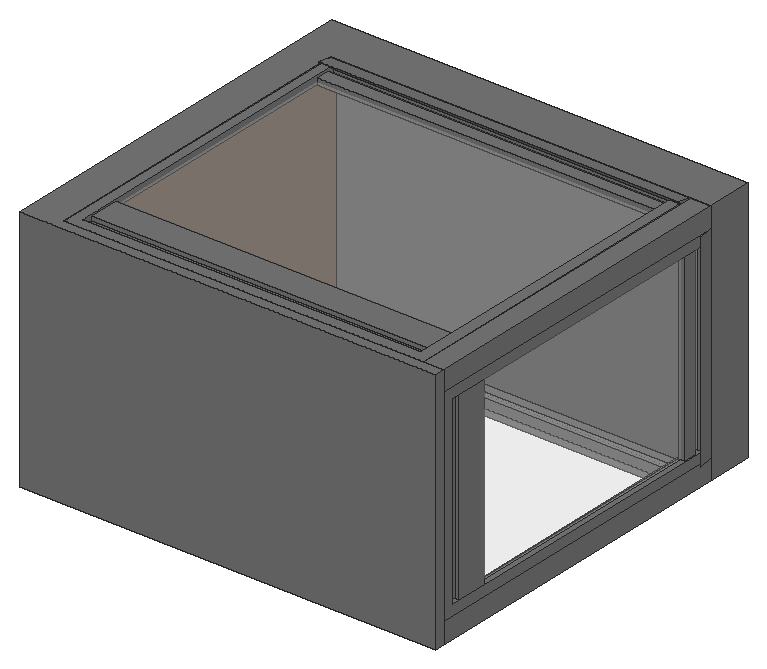
Revit family "Fireplace_Gas_Heatilator_Peninsula", category Mechanical Equipment, host Face, Revit 2015
Parameters (values of type "GDFL4136 LP")
  gasrad [instance] = Gas Connection Diameter / 2  # 0' - 0 1/4"
  exhaustrad [instance] = Exhaust Connection Diameter / 2  # 0' - 2 1/2"
  Warranty Duration (Years) = 0
  Unit Width = 3' - 4 1/2"
  Unit Weight = 220
  Unit Height = 3' - 2"
  Unit Depth = 2' - 0"
  URL = "http://www.heatilator.com/"
  Test Data = ""
  Standards Conformance = "UL  ;  cUL"
  Specification = "http://www.arcat.com/sdspecs/htm04/10_31_07hea.htm"
  SpecWizard = ""
  Send Message = "http://www.arcat.com/users.pl?action=UserEmail&amp;company=Heatilator<sup><small></small></sup>&amp;coid=49248&amp;rep=144&amp;fax=&amp;mf=95"
  Screen [instance] = PeninsulaFace : Simon
  Sales Information = "http://www.heatilator.com/Contact-Us.aspx"
  Revision = "R2_2014-09"
  Recess Into Host [instance] = 2' - 0"
  Rear Wall Finish [instance] = Masonry - Heatilator - Brick as Specified
  Product Properties = ""
  Product Data = "http://www.arcat.com/arcatcos/cos9549/arc49248.html"
  Opening Width = 3' - 0"
  Opening Height = 2' - 0 1/2"
  Mounting Height [instance] = 1' - 10.76867"
  Model = "GDFL4136"
  Media Material [instance] = Surface - Heatilator - Media as Specified
  Manufacturer Website = "http://www.heatilator.com/"
  Manufacturer Phone - Toll Free = "800-927-6841"
  Manufacturer Phone = ""
  Manufacturer Fax = ""
  Manufacturer Address = "7571 215th St. W.  Lakeville, MN 55044"
  Manufacturer = "Heatilator"
  Maintenance Schedule (Months) = 0
  Keynote = "10305"
  Installation-Fabrication = ""
  Installation Phase = ""
  Heating Capacity = "as Specified"
  HVAC_BTU Output = 0.0 Btu/h
  HVAC_BTU Input = 36000.0 Btu/h
  Green Building-LEED = ""
  Glazing Tint [instance] = Glazing - Heatilator - Clear
  Gas Connection Diameter [instance] = 1/2"
  Fuel Type = "LP"
  Fuel Consumption = "as Specified"
  Fixture Finish = Metal - Heatilator - Metallic Black
  Expected Lifespan (Years) = 0
  Exhaust Connection Diameter [instance] = 5"
  Electrical_Voltage = 120 V
  Efficiency Ratings = "Steady State 75  ;  AFUE 68  ;  EnerGuide 63"
  Drawn By = "Sumex Design, Inc. / Robert S. Weygant, CSI, CDT, SCIP"
  Door Finish [instance] = Metal - Heatilator - Metallic Black
  Description = "Heatilator Gas Burning Fireplace - Peninsula GDFL4136 LP as Specified"
  Default Elevation = 0' - 0"
  Copyright = "©Arcat Inc."
  Construction Details = "http://www.arcat.com/details/heatil/heatil.html?coid=49248"
  Building Codes = ""
  Assembly Code = "D3020"
Types (4): name | Model | HVAC_BTU Input | Fuel Type | Description
  GDFL4136 LP | "GDFL4136" | 36000.0 Btu/h | "LP" | "Heatilator Gas Burning Fireplace - Peninsula GDFL4136 LP as Specified"
  GDFL4136 NG | "GDFL4136" | 37000.0 Btu/h | "NG" | "Heatilator Gas Burning Fireplace - Peninsula GDFL4136 NG as Specified"
  GBFL4136 LP | "GBFL4136" | 36000.0 Btu/h | "LP" | "Heatilator Gas Burning Fireplace - Peninsula GBFL4136 LP as Specified"
  GBFL4136 NG | "GBFL4136" | 37000.0 Btu/h | "NG" | "Heatilator Gas Burning Fireplace - Peninsula GBFL4136 NG as Specified"
Reference planes (in)
  plane 1 "Opening CL": y = 0
  plane 2: z = 0
  plane 3 "Center (Left/Right)": x = 0
  plane 4: z = -24
  plane 5 "Front": z = 0
  plane 6 "FF": y = -41.20617
  plane 7: y = -18.4375
  plane 8: y = -17.4375
  plane 9: x = -20.25
  plane 10: x = 20.25
  plane 11: y = 19.5625
Forms (in)
  Extrusion 1, void
    sketch origin (0, 0, 0) x (1, 0, 0) y (0, 1, 0)
      loop
        line (20.25, 19.5625) -> (-20.25, 19.5625) -> (-20.25, -18.4375) -> (20.25, -18.4375) -> (20.25, 19.5625)
    from -24 to 5.63952
  Extrusion 2, solid
    sketch origin (0, 19.5625, 0) x (0, 0, -1) y (1, 0, 0)
      loop
        circle (12, -10.75) r 2.5
      loop
        circle (12, -1.0625) r 2.5
    from 0 to 3
  Extrusion 3, solid
    sketch origin (-20.25, -180, 14.07791) x (0, 0, 1) y (0, -1, 0)
      loop
        circle (-18.57791, -163.0625) r 0.25
    from 0 to 1.0582
  Extrusion 4, solid
    sketch origin (-0.46316, -16.31553, -23.53684) x (0, -1, 0) y (0, 0, -1)
      loop
        circle (-24.87803, -11.53684) r 2.5
    from -19.78684 to -18.72864
  Extrusion 5, solid, material "Metal - Heatilator - Metallic Black" <- "Fixture Finish"
    sketch origin (0, 0, 0) x (1, 0, 0) y (0, 1, 0)
      loop
        line (20.25, -18.4375) -> (20.25, -17.4375) -> (-16.75, -17.4375) -> (-16.75, 15.0625) -> (20.25, 15.0625) -> (20.25, 19.5625) -> (-20.25, 19.5625) -> (-20.25, -18.4375) -> (20.25, -18.4375)
    from -24 to 0
  Extrusion 6, solid, material "Metal - Heatilator - Metallic Black" <- "Fixture Finish"
    sketch origin (-21.8749, -17.4375, 48) x (-1, 0, 0) y (0, 0, 1)
      loop
        line (-40.1249, -49.25) -> (-40.1249, -70.75) -> (-5.1249, -70.75) -> (-5.1249, -49.25) -> (-40.1249, -49.25)
    from 0 to 5
  Extrusion 7, solid, material "Masonry - Heatilator - Brick as Specified" <- "Rear Wall Finish"
    sketch origin (-21.8749, -17.4375, 48) x (-1, 0, 0) y (0, 0, 1)
      loop
        line (-5.1249, -49.25) -> (-5.6249, -49.25) -> (-5.6249, -70.75) -> (-5.1249, -70.75) -> (-5.1249, -49.25)
    from 5 to 32.5
Dimensions and locks (in)
  "Recess Into Host": level to plane 4
  "Unit Depth": plane 5 "Front" to plane 4
  "Mounting Height": plane 7 to plane 6 "FF"
  locked: plane 7 to plane 8 at 1
  equal spacing: plane 9, plane 3 "Center (Left/Right)", plane 10
  "Unit Width": plane 9 to plane 10
  "Unit Height": plane 7 to plane 11
  locked: plane 5 "Front" to Extrusion 3 sketch curve at 4.5
  locked: plane 7 to Extrusion 3 sketch curve at 1.5
  locked: plane 5 "Front" to Extrusion 2 sketch curve at 12
  locked: plane 7 to Extrusion 4 sketch curve at 27
  locked: Extrusion 2 sketch curve to plane 9 at 9.5
  locked: plane 10 to Extrusion 2 sketch curve at 21.3125
  locked: plane 5 "Front" to Extrusion 4 sketch curve at 12
  "exhaustrad": radius of Extrusion 2 sketch curve
  "gasrad": radius of Extrusion 3 sketch curve
  "exhaustrad": radius of Extrusion 4 sketch curve
  aligned and locked: plane 2 to host face
  aligned and locked: level to host face
  aligned: Extrusion 1 to plane 5 "Front"
  aligned and locked: Extrusion 1 to plane 4
  aligned and locked: Extrusion 1 sketch curve to plane 7
  aligned and locked: plane 10 to Extrusion 1 sketch curve
  aligned and locked: Extrusion 1 sketch curve to plane 9
  aligned and locked: Extrusion 1 sketch curve to plane 11
  aligned and locked: Extrusion 5 to plane 4
  aligned and locked: Extrusion 5 to plane 5 "Front"
  aligned and locked: nested 1 to plane 7
Automatic sketch dimensions
  host sketch curve to host sketch curve = 5' - 8 1/4"
  host sketch curve to host sketch curve = 10' - 4 9/16"
  Extrusion 5 sketch curve to plane 7 = 0' - 0"
  Extrusion 5 sketch curve to plane 9 = 0' - 0"
  Extrusion 5 sketch curve to plane 8 = 0' - 0"
  Extrusion 5 sketch curve to plane 10 = 0' - 0"  (x2)
  plane 11 to Extrusion 5 sketch curve = 0' - 0"
  plane 11 to Extrusion 5 sketch curve = 0' - 4 1/2"
  plane 4 to Extrusion 6 sketch curve = 0' - 1 1/4"
  Extrusion 6 sketch curve to level = 0' - 1 1/4"
  Extrusion 7 sketch curve to Extrusion 7 sketch curve = 0' - 0 1/2"
  plane 4 to Extrusion 7 sketch curve = 0' - 1 1/4"
  Extrusion 7 sketch curve to level = 0' - 1 1/4"
  Extrusion 2 sketch curve to level = 1' - 0"
  plane 9 to Extrusion 5 sketch curve = 0' - 3 1/2"
  plane 9 to Extrusion 6 sketch curve = 0' - 3 1/2"
  plane 9 to Extrusion 7 sketch curve = 0' - 4"
  Extrusion 6 sketch curve to plane 10 = 0' - 2"
  radius of Extrusion 2 sketch curve = 0' - 2 1/2"
Nested families (in)
  nested 1: "PeninsulaFace" at (-20.25, -18.4375, 0), frame finish <- "Door Finish", type <- "Screen", clear material <- "Glazing Tint", type "Simon"
    with frame finish Metal - Heatilator - Metallic Black, clear material Glazing - Heatilator - Clear
Connectors (in)
  hvac at (-10.75, 19.5625, -12), driven by "exhaustrad"
    settings: on Extrusion 2, index 2, duct flow 0 CFM, flow factor 0, pres drop 0.00 in-wg, loss coef 0, conn angle 0.00°, conn width 12", conn height 12", conn diameter 5", duct sys type 3, conn prof type 0, flow config 0, flow direction 2, loss method 0, conn ref index -1, conn util no, is conn primary yes, conn desc "GDFL Vertical Exhaust"
  piping at (-20.25, -16.9375, -4.5), diameter 0.5, driven by "gasrad"
    settings: on Extrusion 3, index 5, connector inside diameter 1/2", connector length 0' - 0", flow factor 0, pipe flow 0 GPM, pressure drop 0.00 psi, fitting loss kfactor 0, connector angle 0.00°, fixture units 0, engagement length 0' - 0", angle of deflection 0.00°, flow configuration 0, flow direction 1, fitting loss method 0, system type 29, joint type 0, gender type 0, connector reference index -1, connector utility 0, adjustable connector no, is connector primary yes, connector description "Gas Inlet"
  hvac at (-20.25, 8.5625, -12), driven by "exhaustrad"
    settings: on Extrusion 4, index 7, duct flow 0 CFM, flow factor 0, pres drop 0.00 in-wg, loss coef 0, conn angle 0.00°, conn width 12", conn height 12", conn diameter 5", duct sys type 3, conn prof type 0, flow config 0, flow direction 2, loss method 0, conn ref index -1, conn util no, is conn primary no, conn desc "GDFL Rear Exhaust"
  hvac at (-1.0625, 19.5625, -12), driven by "exhaustrad"
    settings: on Extrusion 2, index 8, duct flow 0 CFM, flow factor 0, pres drop 0.00 in-wg, loss coef 0, conn angle 0.00°, conn width 12", conn height 12", conn diameter 5", duct sys type 3, conn prof type 0, flow config 0, flow direction 2, loss method 0, conn ref index -1, conn util no, is conn primary no, conn desc "GBFL Exhaust"
  electrical at (-20.25, 0.5625, -12), driven by "Electrical_Voltage"
    settings: on Extrusion 5, index 9, voltage 120 V, apparent load 0 VA, apparent load phase1 0 VA, apparent load phase2 0 VA, apparent load phase3 0 VA, power factor 1, load classification "Other", number of poles 1, system type 31, power factor state 1, is connector primary yes, connector utility no, sub classification motor no, connector description ""
Definition of nested family "PeninsulaFace"
  Parameters
    frame finish [instance] = none
    clear material [instance] = none
    Phoenix = no
    Default Elevation = 4' - 0"
    Craftsman = no
    Assembly Code = ""
    Simon = yes
  Reference planes (in)
    plane 1 "Center (Front/Back)": y = 0
    plane 2: z = 0
    plane 3 "Center (Left/Right)": x = 0
    plane 4: y = 1
    plane 5: y = 33.5
    plane 6: y = 6
    plane 7: y = 30.5
    plane 8: x = 3.5
    plane 9: x = 21
    plane 10: z = -11.99979
  Forms (in)
    Extrusion 1, solid, material <- "frame finish"
      sketch origin (0, 0, 0) x (1, 0, 0) y (0, 0, 1)
        loop
          line (40.5, 0) -> (38.5, 0) -> (38.5, -2) -> (40.5, -2) -> (40.5, 0)
        loop
          line (40.5, -24) -> (40.5, -22) -> (38.5, -22) -> (38.5, -24) -> (40.5, -24)
      from -33.5 to -1
    Extrusion 2, solid, material <- "frame finish", visible <- "Phoenix"
      sketch origin (0, 0, 0) x (1, 0, 0) y (0, 1, 0)
        loop
          line (3.5, 1) -> (4.5, 1) -> (4.5, 33.5) -> (3.5, 33.5) -> (3.5, 1)
        loop
          line (37.5, 1) -> (38.5, 1) -> (38.5, 33.5) -> (37.5, 33.5) -> (37.5, 1)
      from 0 to -0.75
    Extrusion 3, solid, material <- "frame finish", visible <- "Phoenix"
      sketch origin (0, 0, 0) x (1, 0, 0) y (0, 1, 0)
        loop
          line (4.5, 32.75) -> (4.5, 32.29795) -> (15.48684, 32.29795)
          arc (15.48684, 32.29795) -> (9.827, 30.85256) -> (4.5, 28.45548) r 33.84463
          line (4.5, 28.45548) -> (4.5, 26.89198)
          arc (4.5, 26.89198) -> (21, 31.39384) -> (37.5, 26.89198) r 32.48846
          line (37.5, 26.89198) -> (37.5, 28.45548)
          arc (37.5, 28.45548) -> (32.173, 30.85256) -> (26.51316, 32.29795) r 33.84463
          line (26.51316, 32.29795) -> (37.5, 32.29795) -> (37.5, 32.75) -> (21.45205, 32.75) -> (21.45205, 33.5) -> (20.54795, 33.5) -> (20.54795, 32.75) -> (4.5, 32.75)
      from 0 to -0.75
    Extrusion 4, solid, material <- "frame finish", visible <- "Phoenix"
      sketch origin (0, 0, 0) x (1, 0, 0) y (0, 1, 0)
        loop
          line (4.75, 25.25) -> (4.25, 25.25) -> (4.25, 23) -> (4.75, 23) -> (4.75, 25.25)
        loop
          line (4.75, 8.625) -> (4.25, 8.625) -> (4.25, 6.375) -> (4.75, 6.375) -> (4.75, 8.625)
        loop
          line (37.25, 25.25) -> (37.25, 23) -> (37.75, 23) -> (37.75, 25.25) -> (37.25, 25.25)
        loop
          line (37.25, 8.625) -> (37.25, 6.375) -> (37.75, 6.375) -> (37.75, 8.625) -> (37.25, 8.625)
      from 0 to 0.30703
    Extrusion 5, solid, material <- "frame finish", visible <- "Phoenix"
      sketch origin (1.75, 0, 0) x (1, 0, 0) y (0, 1, 0)
        loop
          circle (17.2941, 1.74223) r 0.5
        loop
          circle (21.2059, 1.74223) r 0.5
      from 0 to 0.7778
    Extrusion 6, solid, material <- "frame finish", visible <- "Phoenix"
      sketch origin (38.5, 0, 0) x (-1, 0, 0) y (0, -1, 0)
        loop
          line (17.27397, -29.35875) -> (17.27397, -10.04005)
          arc (17.27397, -10.04005) -> (12.69126, -9.56277) -> (8.27986, -8.23288) r 24.41096
          line (8.27986, -8.23288) -> (2.13014, -8.23288) -> (2.13014, -25.19656)
          arc (2.13014, -25.19656) -> (9.42913, -28.27067) -> (17.27397, -29.35875) r 30.45422
        loop
          line (1, -1) -> (1, -26.89198)
          arc (1, -26.89198) -> (8.94844, -30.24817) -> (17.5, -31.39384) r 32.48846
          line (17.5, -31.39384) -> (17.5, -1) -> (1, -1)
        loop
          line (17.27397, -3.26027) -> (2.13014, -3.26027) -> (2.13014, -4.61644) -> (17.27397, -4.61644) -> (17.27397, -3.26027)
        loop
          line (2.13014, -5.52055) -> (2.13014, -7.32877) -> (8.4589, -7.32877)
          arc (8.4589, -7.32877) -> (12.77916, -8.65807) -> (17.27397, -9.1359) r 23.50685
          line (17.27397, -9.1359) -> (17.27397, -5.52055) -> (2.13014, -5.52055)
      from 0 to -0.75
    Extrusion 7, solid, material <- "frame finish", visible <- "Phoenix"
      sketch origin (0, 0, -23.25) x (0, -1, 0) y (1, 0, 0)
        loop
          line (-1, 3.5) -> (-1, 4.5) -> (-33.5, 4.5) -> (-33.5, 3.5) -> (-1, 3.5)
        loop
          line (-1, 37.5) -> (-1, 38.5) -> (-33.5, 38.5) -> (-33.5, 37.5) -> (-1, 37.5)
      from 0 to -0.75
    Extrusion 8, solid, material <- "frame finish", visible <- "Phoenix"
      sketch origin (0, 0, -23.25) x (0, -1, 0) y (1, 0, 0)
        loop
          line (-32.75, 4.5) -> (-32.29795, 4.5) -> (-32.29795, 15.48684)
          arc (-32.29795, 15.48684) -> (-30.85256, 9.827) -> (-28.45548, 4.5) r 33.84463
          line (-28.45548, 4.5) -> (-26.89198, 4.5)
          arc (-26.89198, 4.5) -> (-31.39384, 21) -> (-26.89198, 37.5) r 32.48846
          line (-26.89198, 37.5) -> (-28.45548, 37.5)
          arc (-28.45548, 37.5) -> (-30.85256, 32.173) -> (-32.29795, 26.51316) r 33.84463
          line (-32.29795, 26.51316) -> (-32.29795, 37.5) -> (-32.75, 37.5) -> (-32.75, 21.45205) -> (-33.5, 21.45205) -> (-33.5, 20.54795) -> (-32.75, 20.54795) -> (-32.75, 4.5)
      from 0 to -0.75
    Extrusion 9, solid, material <- "frame finish", visible <- "Phoenix"
      sketch origin (38.5, 0, -24) x (0, -1, 0) y (-1, 0, 0)
        loop
          line (-25.25, 33.75) -> (-23, 33.75) -> (-23, 34.25) -> (-25.25, 34.25) -> (-25.25, 33.75)
        loop
          line (-8.625, 33.75) -> (-6.375, 33.75) -> (-6.375, 34.25) -> (-8.625, 34.25) -> (-8.625, 33.75)
        loop
          line (-25.25, 1.25) -> (-25.25, 0.75) -> (-23, 0.75) -> (-23, 1.25) -> (-25.25, 1.25)
        loop
          line (-8.625, 1.25) -> (-8.625, 0.75) -> (-6.375, 0.75) -> (-6.375, 1.25) -> (-8.625, 1.25)
      from 0 to 0.30703
    Extrusion 10, solid, material <- "frame finish", visible <- "Phoenix"
      sketch origin (40.25, 0, -24) x (0, -1, 0) y (-1, 0, 0)
        loop
          circle (-1.74223, 21.2059) r 0.5
        loop
          circle (-1.74223, 17.2941) r 0.5
      from 0 to 0.7778
    Extrusion 11, solid, material <- "frame finish", visible <- "Phoenix"
      sketch origin (39.75, 0, 19.2637) x (0, 0, -1) y (0, -1, 0)
        loop
          line (21.26349, -1) -> (21.26349, -33.5) -> (22.26349, -33.5) -> (22.26349, -1) -> (21.26349, -1)
        loop
          line (40.26349, -1) -> (40.26349, -33.5) -> (41.26349, -33.5) -> (41.26349, -1) -> (40.26349, -1)
      from 0 to -0.75
    Extrusion 12, solid, material <- "frame finish", visible <- "Phoenix"
      sketch origin (39.75, 0, 16.50064) x (0, 0, -1) y (0, -1, 0)
        loop
          line (19.50043, -32.75) -> (28.01106, -32.75) -> (28.01106, -33.5) -> (29.01106, -33.5) -> (29.01106, -32.75) -> (37.5, -32.75) -> (37.5, -32.29795) -> (32.56048, -32.29795)
          arc (32.56048, -32.29795) -> (35.09829, -31.53058) -> (37.5, -30.40759) r 18.46027
          line (37.5, -30.40759) -> (37.5, -29.55479)
          arc (37.5, -29.55479) -> (28.50021, -32.01029) -> (19.50043, -29.55479) r 17.72056
          line (19.50043, -29.55479) -> (19.50043, -30.40759)
          arc (19.50043, -30.40759) -> (21.90214, -31.53058) -> (24.43995, -32.29795) r 18.46027
          line (24.43995, -32.29795) -> (19.50043, -32.29795) -> (19.50043, -32.75)
      from 0 to -0.75
    Extrusion 13, solid, material <- "frame finish", visible <- "Phoenix"
      sketch origin (39.75, 0, -19.2363) x (0, 0, 1) y (0, 1, 0)
        loop
          arc (15.62163, 28.60541) -> (7.24014, 30.89709) -> (-1.14861, 28.63211) r 16.56939
          line (-1.14861, 28.63211) -> (-1.14861, 9.1359) -> (2.1973, 9.1359)
          arc (2.1973, 9.1359) -> (7.21376, 10.11971) -> (12.23021, 9.1359) r 13.28141
          line (12.23021, 9.1359) -> (15.62163, 9.1359) -> (15.62163, 28.60541)
        loop
          line (-1.76349, 1) -> (16.23651, 1) -> (16.23651, 29.52762)
          arc (16.23651, 29.52762) -> (7.24019, 32.00387) -> (-1.76349, 29.55454) r 17.67618
          line (-1.76349, 29.55454) -> (-1.76349, 1)
        loop
          line (15.62163, 3.26027) -> (15.62163, 4.61644) -> (-1.14861, 4.61644) -> (-1.14861, 3.26027) -> (15.62163, 3.26027)
        loop
          line (-1.14861, 5.52055) -> (15.62163, 5.52055) -> (15.62163, 8.23288) -> (12.1328, 8.23288)
          arc (12.1328, 8.23288) -> (7.21376, 9.21668) -> (2.29472, 8.23288) r 12.7895
          line (2.29472, 8.23288) -> (-1.14861, 8.23288) -> (-1.14861, 5.52055)
      from 0 to -0.75
    Extrusion 14, solid, material <- "frame finish", visible <- "Phoenix"
      sketch origin (3.5, 0, 0) x (1, 0, 0) y (0, 1, 0)
        loop
          arc (17.27397, 29.35875) -> (9.42913, 28.27067) -> (2.13014, 25.19656) r 30.45422
          line (2.13014, 25.19656) -> (2.13014, 8.23288) -> (8.27986, 8.23288)
          arc (8.27986, 8.23288) -> (12.69126, 9.56277) -> (17.27397, 10.04005) r 24.41096
          line (17.27397, 10.04005) -> (17.27397, 29.35875)
        loop
          line (1, 1) -> (17.5, 1) -> (17.5, 31.39384)
          arc (17.5, 31.39384) -> (8.94844, 30.24817) -> (1, 26.89198) r 32.48846
          line (1, 26.89198) -> (1, 1)
        loop
          line (17.27397, 3.26027) -> (17.27397, 4.61644) -> (2.13014, 4.61644) -> (2.13014, 3.26027) -> (17.27397, 3.26027)
        loop
          line (2.13014, 5.52055) -> (17.27397, 5.52055) -> (17.27397, 9.1359)
          arc (17.27397, 9.1359) -> (12.77916, 8.65807) -> (8.4589, 7.32877) r 23.50685
          line (8.4589, 7.32877) -> (2.13014, 7.32877) -> (2.13014, 5.52055)
      from 0 to -0.75
    Extrusion 15, solid, material <- "frame finish", visible <- "Phoenix"
      sketch origin (38.5, 0, -23.25) x (0, 1, 0) y (-1, 0, 0)
        loop
          line (29.35875, 17.27397) -> (10.04005, 17.27397)
          arc (10.04005, 17.27397) -> (9.56277, 12.69126) -> (8.23288, 8.27986) r 24.41096
          line (8.23288, 8.27986) -> (8.23288, 2.13014) -> (25.19656, 2.13014)
          arc (25.19656, 2.13014) -> (28.27067, 9.42913) -> (29.35875, 17.27397) r 30.45422
        loop
          line (1, 1) -> (26.89198, 1)
          arc (26.89198, 1) -> (30.24817, 8.94844) -> (31.39384, 17.5) r 32.48846
          line (31.39384, 17.5) -> (1, 17.5) -> (1, 1)
        loop
          line (3.26027, 17.27397) -> (3.26027, 2.13014) -> (4.61644, 2.13014) -> (4.61644, 17.27397) -> (3.26027, 17.27397)
        loop
          line (5.52055, 2.13014) -> (7.32877, 2.13014) -> (7.32877, 8.4589)
          arc (7.32877, 8.4589) -> (8.65807, 12.77916) -> (9.1359, 17.27397) r 23.50685
          line (9.1359, 17.27397) -> (5.52055, 17.27397) -> (5.52055, 2.13014)
      from 0 to -0.75
    Extrusion 16, solid, material <- "frame finish", visible <- "Phoenix"
      sketch origin (3.5, 0, -23.25) x (0, -1, 0) y (1, 0, 0)
        loop
          arc (-29.35875, 17.27397) -> (-28.27067, 9.42913) -> (-25.19656, 2.13014) r 30.45422
          line (-25.19656, 2.13014) -> (-8.23288, 2.13014) -> (-8.23288, 8.27986)
          arc (-8.23288, 8.27986) -> (-9.56277, 12.69126) -> (-10.04005, 17.27397) r 24.41096
          line (-10.04005, 17.27397) -> (-29.35875, 17.27397)
        loop
          line (-1, 1) -> (-1, 17.5) -> (-31.39384, 17.5)
          arc (-31.39384, 17.5) -> (-30.24817, 8.94844) -> (-26.89198, 1) r 32.48846
          line (-26.89198, 1) -> (-1, 1)
        loop
          line (-3.26027, 17.27397) -> (-4.61644, 17.27397) -> (-4.61644, 2.13014) -> (-3.26027, 2.13014) -> (-3.26027, 17.27397)
        loop
          line (-5.52055, 2.13014) -> (-5.52055, 17.27397) -> (-9.1359, 17.27397)
          arc (-9.1359, 17.27397) -> (-8.65807, 12.77916) -> (-7.32877, 8.4589) r 23.50685
          line (-7.32877, 8.4589) -> (-7.32877, 2.13014) -> (-5.52055, 2.13014)
      from 0 to -0.75
    Extrusion 17, solid, material <- "clear material", visible <- "Phoenix"
      sketch origin (0, 0, 0) x (1, 0, 0) y (0, 1, 0)
        loop
          line (4.5, 32.29795) -> (4.5, 3.26027) -> (37.5, 3.26027) -> (37.5, 32.29795) -> (4.5, 32.29795)
      from -0.31559 to -0.58942
    Extrusion 18, solid, material <- "clear material", visible <- "Phoenix"
      sketch origin (0, 0, 0) x (1, 0, 0) y (0, 1, 0)
        loop
          line (4.5, 32.29795) -> (4.5, 3.26027) -> (37.5, 3.26027) -> (37.5, 32.29795) -> (4.5, 32.29795)
      from -23.49253 to -23.78296
    Extrusion 19, solid, material <- "clear material", visible <- "Phoenix"
      sketch origin (0, 0, 0) x (0, 1, 0) y (0, 0, 1)
        loop
          line (3.26027, -2.99979) -> (3.26027, -20.99957) -> (32.29795, -20.99957) -> (32.29795, -2.99979) -> (3.26027, -2.99979)
      from 40.01834 to 40.24344
    Extrusion 20, solid, material <- "frame finish", visible <- "Craftsman"
      sketch origin (0, 0, 0) x (1, 0, 0) y (0, 1, 0)
        loop
          line (3.5, 33.5) -> (3.5, 1) -> (38.5, 1) -> (38.5, 33.5) -> (36.5, 33.5) -> (36.5, 32.75) -> (21.5, 32.75) -> (21.5, 33.5) -> (20.5, 33.5) -> (20.5, 32.75) -> (5.5, 32.75) -> (5.5, 33.5) -> (3.5, 33.5)
        loop
          line (36.5, 2.5) -> (36.5, 3.5) -> (5.5, 3.5) -> (5.5, 2.5) -> (36.5, 2.5)
        loop
          line (36.5, 30.75) -> (5.5, 30.75) -> (5.5, 29.25) -> (36.5, 29.25) -> (36.5, 30.75)
        loop
          line (5.5, 28.25) -> (5.5, 6) -> (36.5, 6) -> (36.5, 28.25) -> (5.5, 28.25)
        loop
          line (5.5, 5.25) -> (5.5, 4.25) -> (36.5, 4.25) -> (36.5, 5.25) -> (5.5, 5.25)
      from 0 to -0.75
    Extrusion 21, solid, material <- "frame finish", visible <- "Craftsman"
      sketch origin (0, 0, 0) x (1, 0, 0) y (0, 1, 0)
        loop
          line (6.75, 2.5) -> (7.5, 2.5) -> (9.5, 30.75) -> (8.75, 30.75) -> (6.75, 2.5)
        loop
          line (35.25, 2.5) -> (33.25, 30.75) -> (32.5, 30.75) -> (34.5, 2.5) -> (35.25, 2.5)
        loop
          line (20, 30.75) -> (19.25, 30.75) -> (19.25, 29.25) -> (20, 29.25) -> (20, 30.75)
        loop
          line (22, 30.75) -> (22, 29.25) -> (22.75, 29.25) -> (22.75, 30.75) -> (22, 30.75)
        loop
          line (20, 5.25) -> (19.25, 5.25) -> (19.25, 2.5) -> (20, 2.5) -> (20, 5.25)
        loop
          line (22, 5.25) -> (22, 2.5) -> (22.75, 2.5) -> (22.75, 5.25) -> (22, 5.25)
      from 0 to -0.75
    Extrusion 22, solid, material <- "frame finish", visible <- "Craftsman"
      sketch origin (0, 0, 0) x (1, 0, 0) y (0, 1, 0)
        loop
          line (5.5, 30.75) -> (5.5, 29.25) -> (36.5, 29.25) -> (36.5, 30.75) -> (5.5, 30.75)
        loop
          line (5.5, 5.25) -> (5.5, 3) -> (36.5, 3) -> (36.5, 5.25) -> (5.5, 5.25)
      from -0.5 to -0.75
    Extrusion 23, solid, material <- "frame finish", visible <- "Craftsman"
      sketch origin (0, 0, -23.25) x (0, -1, 0) y (1, 0, 0)
        loop
          line (-33.5, 3.5) -> (-1, 3.5) -> (-1, 38.5) -> (-33.5, 38.5) -> (-33.5, 36.5) -> (-32.75, 36.5) -> (-32.75, 21.5) -> (-33.5, 21.5) -> (-33.5, 20.5) -> (-32.75, 20.5) -> (-32.75, 5.5) -> (-33.5, 5.5) -> (-33.5, 3.5)
        loop
          line (-2.5, 36.5) -> (-3.5, 36.5) -> (-3.5, 5.5) -> (-2.5, 5.5) -> (-2.5, 36.5)
        loop
          line (-30.75, 36.5) -> (-30.75, 5.5) -> (-29.25, 5.5) -> (-29.25, 36.5) -> (-30.75, 36.5)
        loop
          line (-28.25, 5.5) -> (-6, 5.5) -> (-6, 36.5) -> (-28.25, 36.5) -> (-28.25, 5.5)
        loop
          line (-5.25, 5.5) -> (-4.25, 5.5) -> (-4.25, 36.5) -> (-5.25, 36.5) -> (-5.25, 5.5)
      from 0 to -0.75
    Extrusion 24, solid, material <- "frame finish", visible <- "Craftsman"
      sketch origin (0, 0, -23.25) x (0, -1, 0) y (1, 0, 0)
        loop
          line (-2.5, 6.75) -> (-2.5, 7.5) -> (-30.75, 9.5) -> (-30.75, 8.75) -> (-2.5, 6.75)
        loop
          line (-2.5, 35.25) -> (-30.75, 33.25) -> (-30.75, 32.5) -> (-2.5, 34.5) -> (-2.5, 35.25)
        loop
          line (-30.75, 20) -> (-30.75, 19.25) -> (-29.25, 19.25) -> (-29.25, 20) -> (-30.75, 20)
        loop
          line (-30.75, 22) -> (-29.25, 22) -> (-29.25, 22.75) -> (-30.75, 22.75) -> (-30.75, 22)
        loop
          line (-5.25, 20) -> (-5.25, 19.25) -> (-2.5, 19.25) -> (-2.5, 20) -> (-5.25, 20)
        loop
          line (-5.25, 22) -> (-2.5, 22) -> (-2.5, 22.75) -> (-5.25, 22.75) -> (-5.25, 22)
      from 0 to -0.75
    Extrusion 25, solid, material <- "frame finish", visible <- "Craftsman"
      sketch origin (0, 0, -23.25) x (0, -1, 0) y (1, 0, 0)
        loop
          line (-30.75, 5.5) -> (-29.25, 5.5) -> (-29.25, 36.5) -> (-30.75, 36.5) -> (-30.75, 5.5)
        loop
          line (-5.25, 5.5) -> (-3, 5.5) -> (-3, 36.5) -> (-5.25, 36.5) -> (-5.25, 5.5)
      from 0 to -0.25
    Extrusion 26, solid, material <- "clear material", visible <- "Craftsman"
      sketch origin (0, 0, 0) x (1, 0, 0) y (0, 1, 0)
        loop
          line (5.5, 28.25) -> (5.5, 6) -> (36.5, 6) -> (36.5, 28.25) -> (5.5, 28.25)
      from -0.75 to -0.5
    Extrusion 27, solid, material <- "clear material", visible <- "Craftsman"
      sketch origin (0, 0, 0) x (1, 0, 0) y (0, 1, 0)
        loop
          line (5.5, 28.25) -> (5.5, 6) -> (36.5, 6) -> (36.5, 28.25) -> (5.5, 28.25)
      from -23.49253 to -23.25
    Extrusion 28, solid, material <- "frame finish", visible <- "Craftsman"
      sketch origin (40.5, 0, 20.625) x (0, 0, -1) y (0, 1, 0)
        loop
          line (22.625, 33.5) -> (22.625, 1) -> (42.625, 1) -> (42.625, 33.5) -> (40.625, 33.5) -> (40.625, 32.75) -> (33.12479, 32.75) -> (33.12479, 33.5) -> (32.12479, 33.5) -> (32.12479, 32.75) -> (24.625, 32.75) -> (24.625, 33.5) -> (22.625, 33.5)
        loop
          line (40.625, 2.5) -> (40.625, 3.5) -> (24.625, 3.5) -> (24.625, 2.5) -> (40.625, 2.5)
        loop
          line (40.625, 30.75) -> (24.625, 30.75) -> (24.625, 29.25) -> (40.625, 29.25) -> (40.625, 30.75)
        loop
          line (24.625, 28.25) -> (24.625, 6) -> (40.625, 6) -> (40.625, 28.25) -> (24.625, 28.25)
        loop
          line (24.625, 5.25) -> (24.625, 4.25) -> (40.625, 4.25) -> (40.625, 5.25) -> (24.625, 5.25)
      from 0 to -0.75
    Extrusion 29, solid, material <- "frame finish", visible <- "Craftsman"
      sketch origin (40.5, 0, 20.625) x (0, 0, -1) y (0, 1, 0)
        loop
          line (25.375, 2.5) -> (26.125, 2.5) -> (28.125, 30.75) -> (27.375, 30.75) -> (25.375, 2.5)
        loop
          line (39.875, 2.5) -> (37.875, 30.75) -> (37.125, 30.75) -> (39.125, 2.5) -> (39.875, 2.5)
        loop
          line (31.38564, 30.75) -> (30.63564, 30.75) -> (30.63564, 29.25) -> (31.38564, 29.25) -> (31.38564, 30.75)
        loop
          line (33.38564, 30.75) -> (33.38564, 29.25) -> (34.13564, 29.25) -> (34.13564, 30.75) -> (33.38564, 30.75)
        loop
          line (31.38564, 5.25) -> (30.63564, 5.25) -> (30.63564, 2.5) -> (31.38564, 2.5) -> (31.38564, 5.25)
        loop
          line (33.38564, 5.25) -> (33.38564, 2.5) -> (34.13564, 2.5) -> (34.13564, 5.25) -> (33.38564, 5.25)
      from 0 to -0.75
    Extrusion 30, solid, material <- "frame finish", visible <- "Craftsman"
      sketch origin (40.5, 0, 20.625) x (0, 0, -1) y (0, 1, 0)
        loop
          line (24.625, 30.75) -> (24.625, 29.25) -> (40.625, 29.25) -> (40.625, 30.75) -> (24.625, 30.75)
        loop
          line (24.625, 5.25) -> (24.625, 3) -> (40.625, 3) -> (40.625, 5.25) -> (24.625, 5.25)
      from -0.5 to -0.75
    Extrusion 31, solid, material <- "clear material", visible <- "Craftsman"
      sketch origin (40.5, 0, 20.625) x (0, 0, -1) y (0, 1, 0)
        loop
          line (24.625, 28.25) -> (24.625, 6) -> (40.625, 6) -> (40.625, 28.25) -> (24.625, 28.25)
      from -0.75 to -0.5
    Extrusion 32, solid, material <- "frame finish", visible <- "Simon"
      sketch origin (0, 0, 0) x (1, 0, 0) y (0, 1, 0)
        loop
          line (3.5, 33.5) -> (3.5, 1) -> (38.5, 1) -> (38.5, 33.5) -> (3.5, 33.5)
        loop
          line (4.5, 32.5) -> (4.5, 2) -> (37.5, 2) -> (37.5, 32.5) -> (4.5, 32.5)
      from 0 to -0.75
    Extrusion 33, solid, material <- "frame finish", visible <- "Simon"
      sketch origin (0, 0, 0) x (1, 0, 0) y (0, 1, 0)
        loop
          line (4.5, 31.75) -> (4.5, 30.5) -> (37.5, 30.5) -> (37.5, 31.75) -> (4.5, 31.75)
        loop
          line (4.5, 6) -> (4.5, 3) -> (37.5, 3) -> (37.5, 6) -> (4.5, 6)
      from -0.125 to -0.75
    Extrusion 34, solid, material <- "frame finish", visible <- "Simon"
      sketch origin (0, 0, 0) x (1, 0, 0) y (0, 1, 0)
        loop
          line (4.5, 3) -> (4.5, 2) -> (37.5, 2) -> (37.5, 3) -> (4.5, 3)
      from -0.5 to -0.75
    Extrusion 35, solid, material <- "frame finish", visible <- "Simon"
      sketch origin (0, 0, 0) x (0, 1, 0) y (0, 0, 1)
        loop
          line (32.5, -0.25) -> (33.5, -0.25) -> (33.5, 0) -> (31.96967, 0.28033) -> (32.5, -0.25)
      from 3.5 to 38.5
    Extrusion 36, solid, material <- "clear material", visible <- "Simon"
      sketch origin (0, 0, 0) x (1, 0, 0) y (0, 1, 0)
        loop
          line (4.5, 32.5) -> (4.5, 6) -> (37.5, 6) -> (37.5, 32.5) -> (4.5, 32.5)
      from -0.5 to -0.75
    Extrusion 37, solid, material <- "frame finish", visible <- "Simon"
      sketch origin (0, 0, -23.99958) x (0, -1, 0) y (1, 0, 0)
        loop
          line (-33.5, 3.5) -> (-1, 3.5) -> (-1, 38.5) -> (-33.5, 38.5) -> (-33.5, 3.5)
        loop
          line (-32.5, 4.5) -> (-2, 4.5) -> (-2, 37.5) -> (-32.5, 37.5) -> (-32.5, 4.5)
      from 0.74958 to -0.00042
    Extrusion 38, solid, material <- "frame finish", visible <- "Simon"
      sketch origin (0, 0, -23.875) x (0, -1, 0) y (1, 0, 0)
        loop
          line (-31.75, 4.5) -> (-30.5, 4.5) -> (-30.5, 37.5) -> (-31.75, 37.5) -> (-31.75, 4.5)
        loop
          line (-6, 4.5) -> (-3, 4.5) -> (-3, 37.5) -> (-6, 37.5) -> (-6, 4.5)
      from 0 to 0.625
    Extrusion 39, solid, material <- "frame finish", visible <- "Simon"
      sketch origin (0, 0, -23.99958) x (0, -1, 0) y (1, 0, 0)
        loop
          line (-3, 4.5) -> (-2, 4.5) -> (-2, 37.5) -> (-3, 37.5) -> (-3, 4.5)
      from 0.74958 to 0.50705
    Extrusion 40, solid, material <- "frame finish", visible <- "Simon"
      sketch origin (0, 0, -23.99958) x (0, 1, 0) y (0, 0, 1)
        loop
          line (32.5, 0.25) -> (31.96967, -0.28033) -> (33.5, 0) -> (33.5, 0.25) -> (32.5, 0.25)
      from 3.5 to 38.5
    Extrusion 41, solid, material <- "clear material", visible <- "Simon"
      sketch origin (0, 0, -23.875) x (0, -1, 0) y (1, 0, 0)
        loop
          line (-32.5, 4.5) -> (-6, 4.5) -> (-6, 37.5) -> (-32.5, 37.5) -> (-32.5, 4.5)
      from 0.625 to 0.38247
    Extrusion 42, solid, material <- "frame finish", visible <- "Simon"
      sketch origin (40.5, 0, 20.76517) x (0, 0, -1) y (0, 1, 0)
        loop
          line (22.76517, 33.5) -> (22.76517, 1) -> (42.76517, 1) -> (42.76517, 33.5) -> (22.76517, 33.5)
        loop
          line (23.76517, 32.5) -> (23.76517, 2) -> (41.76517, 2) -> (41.76517, 32.5) -> (23.76517, 32.5)
      from 0 to -0.75
    Extrusion 43, solid, material <- "frame finish", visible <- "Simon"
      sketch origin (40.5, 0, 20.76517) x (0, 0, -1) y (0, 1, 0)
        loop
          line (23.76495, 31.75) -> (23.76495, 30.5) -> (41.76495, 30.5) -> (41.76495, 31.75) -> (23.76495, 31.75)
        loop
          line (23.76495, 6) -> (23.76495, 3) -> (41.76495, 3) -> (41.76495, 6) -> (23.76495, 6)
      from -0.125 to -0.75
    Extrusion 44, solid, material <- "frame finish", visible <- "Simon"
      sketch origin (40.5, 0, 20.76517) x (0, 0, -1) y (0, 1, 0)
        loop
          line (23.76495, 3) -> (23.76495, 2) -> (41.76495, 2) -> (41.76495, 3) -> (23.76495, 3)
      from -0.5 to -0.75
    Extrusion 45, solid, material <- "frame finish", visible <- "Simon"
      sketch origin (40.5, 0, 20.76517) x (1, 0, 0) y (0, 1, 0)
        loop
          line (-0.25, 32.5) -> (0.28033, 31.96967) -> (0, 33.5) -> (-0.25, 33.5) -> (-0.25, 32.5)
      from -42.76517 to -22.76517
    Extrusion 46, solid, material <- "clear material", visible <- "Simon"
      sketch origin (40.5, 0, 20.76517) x (0, 0, -1) y (0, 1, 0)
        loop
          line (23.76495, 32.5) -> (23.76495, 6) -> (41.76495, 6) -> (41.76495, 32.5) -> (23.76495, 32.5)
      from -0.5 to -0.75
  Cuts and joins
    joined: Extrusion 20, Extrusion 21, Extrusion 22
    joined: Extrusion 23, Extrusion 24, Extrusion 25
    joined: Extrusion 28, Extrusion 29, Extrusion 30
    joined: Extrusion 32, Extrusion 35
    joined: Extrusion 37, Extrusion 40
    joined: Extrusion 42, Extrusion 45
  Dimensions and locks (in)
    locked: plane 1 "Center (Front/Back)" to plane 4 at 1
    locked: plane 1 "Center (Front/Back)" to plane 5 at 33.5
    locked: plane 7 to plane 6 at 24.5
    locked: plane 6 to plane 1 "Center (Front/Back)" at 6
    locked: plane 3 "Center (Left/Right)" to plane 8 at 3.5
    aligned and locked: plane 2 to level
    aligned and locked: Extrusion 1 to plane 4
    aligned and locked: plane 5 to Extrusion 1
